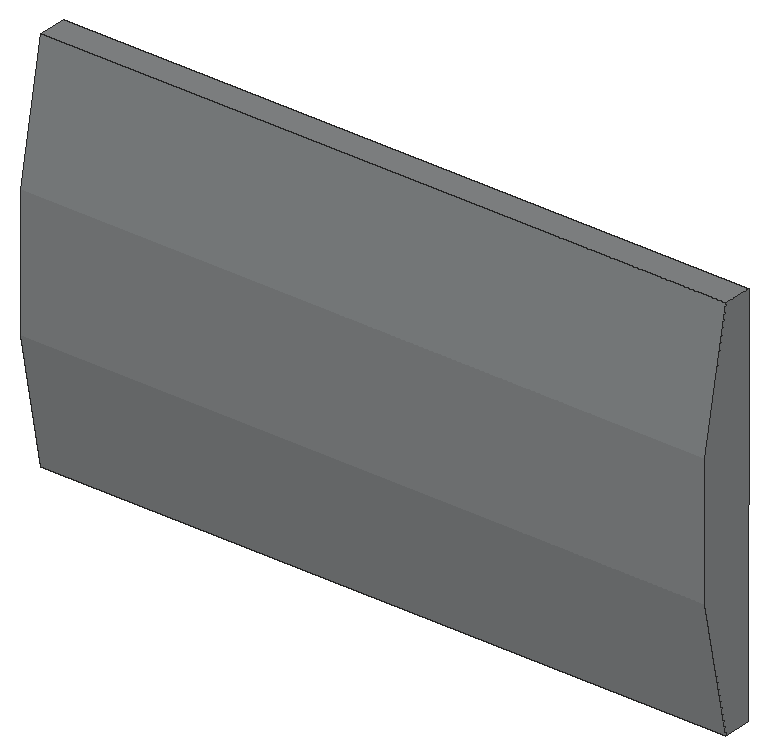
Revit family "Furniture_Chair_Abaco+ 817", category Furniture, Revit 2019
Family settings
  OmniClass Number = 23.21.23.15.17
  Work Plane-Based = Yes
  Always vertical = No
  Cut with Voids When Loaded = No
  Shared = No
  Room Calculation Point = No
Parameters (values of type "Abaco+ 817")
  Youtube clip = ""
  Uniformat II Description = "Movable Furnishings"
  Uniformat II Code = ""
  Uniclass 2015 Name = ""
  Uniclass 2015 Code = ""
  Uniclass 2.0 Description = ""
  Uniclass 2.0 Code = ""
  Uniclass 1.4 Description = ""
  Uniclass 1.4 Code = ""
  UNSPSC Code = ""
  Technical description = ""
  Region South America = "All"
  Region Oceania = "All"
  Region North America = "All"
  Region Middle East = "All"
  Region Europe = "All"
  Region Asia = "All"
  Region Antarctica = "All"
  Region Africa = "All"
  QR code = "https://www.sandlerseating.com/product/abaco-817/"
  Product url = "https://www.sandlerseating.com/product/abaco-817/"
  Product name = "Abaco+ 817"
  Product group = "Chair"
  Product family = "Furniture"
  Product data url = "https://www.sandlerseating.com/product/abaco-817/"
  Product certification = ""
  Product SKU = "??"
  Product Guid = "??"
  OmniClass Description = ""
  OmniClass Code = "23-21 23 15 17"
  NBS Reference Description = ""
  NBS Reference Code = ""
  Model = "Abaco+ 817"
  Masterformat 2014 Description = "Chair Mats"
  Masterformat 2014 Code = "12 48 43.13"
  Manufacturer name = "Sandler"
  Manufacturer country = "USA"
  Manufacturer = "Sandler"
  Installation instructions = ""
  IFC Classification = "Furnishing Element"
  GTIN code = ""
  Edition number = 1
  Design country = "Brasil"
  Description = "Chair"
  Default Elevation = 0.000 mm
  Date of publishing = ""
  COBIe Type Category = ""
  Brand url = "https://www.sandlerseating.com/"
  Back Material = Leather - Positive AK019
  BIMobject main category code = "furniture"
  BIMobject main category = "Furniture"
  BIMobject category code = "furniture-chair"
  BIMobject category = "Chair"
Reference planes
  plane 1 "Center Front/Back": y = 0
  plane 2: z = 0
  plane 3 "Center Left/Right": x = 0
  plane 4: x = 300
  plane 5: x = -300
  plane 6: y = -50
  plane 7: z = 340
Forms (mm)
  Extrusion 1, solid, material "Leather - Positive AK019" <- "Back Material"
    sketch origin (0, 0, 0) x (0, 1, 0) y (0, 0, 1)
      loop
        line (0, 340) -> (-25, 340)
        arc (-25, 340) -> (-50, 170) -> (-25, 0) r 590.5
        line (-25, 0) -> (0, 0) -> (0, 340)
    from -300 to 300
Dimensions and locks
  aligned and locked: level to plane 2
